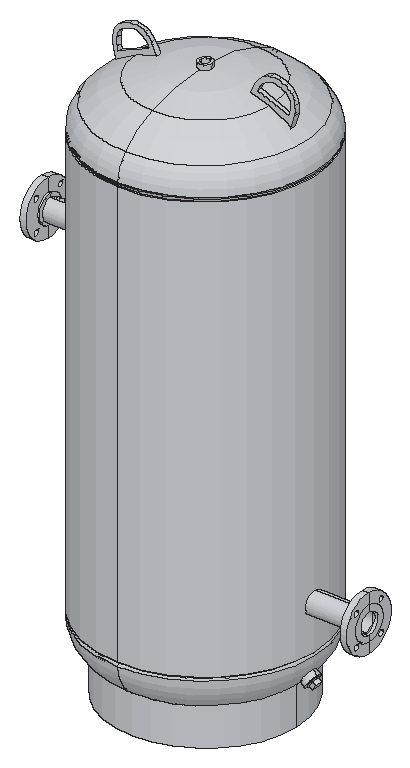
Revit family "HBT-120-2.5", category Generic Models, Revit 2014
Parameters (values of type "HBT-120-2.5")
  URL = "http://westank.com/"
  Tank Volume = 3.398 m³
  Part Number = 55621200
  Model = "HBT-120-2.5"
  Maximum Shipping Weight = 248.00 lbf
  Flange Connector Diameter = 2 1/2"
  F = 20"
  E = 13"
  Description = "Wessels ASME 2-Port Hot Water Buffer Tanks (HBT) are designed for use with today’s high efficiency systems that incorporate small modular low-mass boiler."
  D = 11 1/2"
  C = 32"
  B = 61.54218"
  A = 24"
Reference planes (in)
  plane 1 "Center (Front/Back)": y = 0
  plane 2: z = 0
  plane 3 "Center (Left/Right)": x = 0
  plane 4: through (12.55282, -180, 5.24135) normal (0.8192, 0, -0.5736)
  plane 5: x = -9.99904
  plane 6: x = 10.00096
  plane 7: x = -12
  plane 8: x = 12
  plane 9: y = 12
  plane 10: y = -12
  plane 11: z = 13
  plane 12: x = -16
  plane 13: x = 16
  plane 14: z = 48.5
  plane 15: z = 61.54218
Forms (in)
  Revolve 1, solid
    sketch origin (0, 0, 0) x (0, 1, 0) y (0, 0, 1)
      loop
        arc (-9.83101, 4.11424) -> (-7.79074, 2.94425) -> (-5.56568, 2.18221) r 12.35166
        arc (-5.56568, 2.18221) -> (-4.72655, 1.99447) -> (-3.88233, 1.83116) r 29.62981
        arc (-3.88233, 1.83116) -> (-1.94875, 1.5746) -> (0, 1.4915) r 21.84895
        line (0, 1.4915) -> (0, 1.65929)
        arc (0, 1.65929) -> (-1.35631, 1.72935) -> (-2.7096, 1.84384) r 41.42336
        arc (-2.7096, 1.84384) -> (-4.29668, 2.07784) -> (-5.85586, 2.45541) r 17.59706
        arc (-5.85586, 2.45541) -> (-7.96801, 3.24984) -> (-9.93425, 4.35719) r 14.74916
        arc (-9.93425, 4.35719) -> (-11.28742, 5.80966) -> (-11.85018, 7.71336) r 4.32984
        arc (-11.85018, 7.71336) -> (-11.81699, 7.79381) -> (-11.76254, 7.86171) r 0.30676
        arc (-11.76254, 7.86171) -> (-11.65716, 8.06319) -> (-11.7003, 8.28643) r 0.3444
        line (-11.7003, 8.28643) -> (-11.84851, 8.28643) -> (-11.84851, 54.74424) -> (-11.64597, 54.74424)
        arc (-11.64597, 54.74424) -> (-11.68669, 55.01778) -> (-11.81863, 55.26083) r 0.7952
        arc (-11.81863, 55.26083) -> (-11.84499, 55.29814) -> (-11.86692, 55.3382) r 0.40051
        arc (-11.86692, 55.3382) -> (-11.57837, 56.66597) -> (-10.81368, 57.78913) r 3.5625
        arc (-10.81368, 57.78913) -> (-9.13055, 59.15104) -> (-7.20864, 60.14804) r 10.74973
        arc (-7.20864, 60.14804) -> (-3.66872, 61.14055) -> (0, 61.37845) r 17.65577
        line (0, 61.37845) -> (0, 61.52857)
        arc (0, 61.52857) -> (-3.69689, 61.28792) -> (-7.26395, 60.28747) r 17.80577
        arc (-7.26395, 60.28747) -> (-9.21268, 59.27655) -> (-10.9193, 57.89565) r 10.89973
        arc (-10.9193, 57.89565) -> (-11.72267, 56.71002) -> (-12.01747, 55.30853) r 3.7125
        arc (-12.01747, 55.30853) -> (-11.98199, 55.23495) -> (-11.93601, 55.16744) r 0.55051
        arc (-11.93601, 55.16744) -> (-11.85613, 55.03838) -> (-11.80861, 54.89424) r 0.6452
        line (-11.80861, 54.89424) -> (-11.99851, 54.89424) -> (-11.99851, 8.13643) -> (-11.80492, 8.13643)
        arc (-11.80492, 8.13643) -> (-11.81524, 8.04663) -> (-11.86505, 7.97121) r 0.1944
        arc (-11.86505, 7.97121) -> (-11.95237, 7.85922) -> (-12.00107, 7.72583) r 0.45676
        arc (-12.00107, 7.72583) -> (-11.36713, 5.64899) -> (-9.83101, 4.11424) r 4.47984
      axis (0, 1.4915) -> (0, 61.52857)
    angle from 0 to 360
  Revolve 2, solid
    sketch origin (0, 0, 0) x (1, 0, 0) y (0, 0, 1)
      loop
        line (11.71753, 6.11956) -> (11.66586, 6.1556) -> (11.25436, 5.56561) -> (11.86992, 5.13627) -> (12.24588, 5.6753) -> (12.19462, 5.71106) -> (12.31904, 5.88945) -> (11.80641, 6.24699) -> (11.71753, 6.11956)
      axis (11.25436, 5.56561) -> (11.86992, 5.13627)
    angle from 0 to 360
  Extrusion 3, solid
    sketch origin (12.55282, -180, 5.24135) x (0.573576, 0, 0.819152) y (0, -1, 0)
      loop
        line (-0.16036, -179.52645) -> (-0.95521, -179.68698) -> (-0.79485, -180.48095) -> (0, -180.32042) -> (-0.16036, -179.52645)
    from -1.04121 to 0
  Extrusion 4, solid
    sketch origin (-25.39202, 0.03229, 40.38211) x (0.366501, 0, -0.930418) y (0.930418, 0, 0.366501)
      loop
        line (-11.29706, 21.53035) -> (-11.29706, 26.3838)
        arc (-11.29706, 26.3838) -> (-12.09166, 26.35034) -> (-12.87417, 26.2083) r 5.78982
        arc (-12.87417, 26.2083) -> (-13.37257, 26.05016) -> (-13.84023, 25.81626) r 3.34401
        arc (-13.84023, 25.81626) -> (-14.23506, 25.50882) -> (-14.54036, 25.11233) r 1.98325
        arc (-14.54036, 25.11233) -> (-14.6914, 24.7428) -> (-14.77547, 24.35254) r 2.27303
        arc (-14.77547, 24.35254) -> (-14.7991, 23.94739) -> (-14.77534, 23.54224) r 3.4757
        arc (-14.77534, 23.54224) -> (-14.68361, 23.13018) -> (-14.5151, 22.74312) r 2.20708
        arc (-14.5151, 22.74312) -> (-14.16952, 22.30674) -> (-13.70587, 21.9987) r 1.77678
        arc (-13.70587, 21.9987) -> (-13.19642, 21.76364) -> (-12.64662, 21.65182) r 2.42758
        arc (-12.64662, 21.65182) -> (-11.97628, 21.54177) -> (-11.29706, 21.53035) r 4.65956
      loop
        arc (-12.26868, 25.83872) -> (-12.55936, 25.79464) -> (-12.84713, 25.73441) r 5.2625
        arc (-12.84713, 25.73441) -> (-13.25187, 25.60514) -> (-13.63281, 25.41697) r 2.84116
        arc (-13.63281, 25.41697) -> (-13.92423, 25.19219) -> (-14.15193, 24.90304) r 1.49558
        arc (-14.15193, 24.90304) -> (-14.2669, 24.61441) -> (-14.33039, 24.31027) r 1.7957
        arc (-14.33039, 24.31027) -> (-14.35165, 23.95394) -> (-14.33039, 23.59761) r 2.99674
        arc (-14.33039, 23.59761) -> (-14.25804, 23.26895) -> (-14.12338, 22.96052) r 1.72881
        arc (-14.12338, 22.96052) -> (-13.86611, 22.63559) -> (-13.51943, 22.40849) r 1.29608
        arc (-13.51943, 22.40849) -> (-13.12849, 22.22226) -> (-12.7059, 22.12772) r 1.9331
        arc (-12.7059, 22.12772) -> (-12.4883, 22.08402) -> (-12.26868, 22.05204) r 4.14312
        line (-12.26868, 22.05204) -> (-12.26868, 25.83872)
    from -0.21772 to 0.28228
  Extrusion 5, solid
    sketch origin (0, 0, 0) x (1, 0, 0) y (0, 1, 0)
      loop
        circle (0, 0) r 0.75
      loop
        circle (0, 0) r 0.5
    from 61.27919 to 62.02076
  Extrusion 6, void
    sketch origin (0, 0, 0) x (1, 0, 0) y (0, 1, 0)
      loop
        circle (0, 0) r 0.5
    from 60.73644 to 64.06361
  Revolve 7, solid
    sketch origin (0, 0, 0) x (1, 0, 0) y (0, 0, 1)
      loop
        line (9.87706, 4.44941) -> (9.87706, 0) -> (10.00194, 0) -> (10.00194, 4.44941) -> (9.87706, 4.44941)
      axis (0, 4.44941) -> (0, 0)
    angle from 0 to 360
  Extrusion 8, void
    sketch origin (0, 0, 0.375) x (0, 1, 0) y (0, 0, 1)
      loop
        circle (0, 12.62484) r 1.0296
    from 8.35325 to 18.76515
  Revolve 9, solid
    sketch origin (-0.75244, 0, 0.5) x (1, 0, 0) y (0, 0, 1)
      loop
        line (17.75383, 11.31247) -> (17.75383, 10.72065) -> (18.00383, 10.72065) -> (18.00383, 9.5) -> (18.69121, 9.5) -> (18.69121, 10.68602) -> (18.75371, 10.68602) -> (18.75371, 11.31247) -> (17.75383, 11.31247)
      axis (18.75371, 12.5) -> (17.75383, 12.5)
    angle from 0 to 360
  Revolve 10, solid
    sketch origin (-0.05249, 0, 0.49805) x (-1, 0, 0) y (0, 0, 1)
      loop
        line (-9.30504, 11.47391) -> (-15.61866, 11.47391) -> (-15.61866, 11.3147) -> (-9.30504, 11.3147) -> (-9.30504, 11.47391)
      axis (-15.61866, 12.50195) -> (-9.30504, 12.50195)
    angle from 0 to 360
  Revolve 11, solid
    sketch origin (3.63541, 0, 42.49157) x (-1, 0, 0) y (0, 0, 1)
      loop
        line (20.63414, -2.15058) -> (20.63414, -2.49486) -> (20.88414, -2.49486) -> (20.88414, -3.96257) -> (21.57164, -3.96257) -> (21.57164, -2.77496) -> (21.63415, -2.77496) -> (21.63415, -2.15058) -> (20.63414, -2.15058)
      axis (21.63415, -0.96257) -> (20.63414, -0.96257)
    angle from 0 to 360
  Revolve 12, solid
    sketch origin (2.04954, 0, 42.50628) x (1, 0, 0) y (0, 0, 1)
      loop
        line (-13.17327, -2.01037) -> (-19.67327, -2.01037) -> (-19.67327, -2.16478) -> (-13.17327, -2.16478) -> (-13.17327, -2.01037)
      axis (-19.67327, -0.97728) -> (-13.17327, -0.97728)
    angle from 0 to 360
  Extrusion 13, void
    sketch origin (0, 0, 0) x (0, 1, 0) y (0, 0, 1)
      loop
        circle (-1.68668, 14.68425) r 0.36293
      loop
        circle (1.67267, 14.68416) r 0.35503
      loop
        circle (-1.66494, 11.32835) r 0.37209
      loop
        circle (1.68658, 11.32933) r 0.38111
    from 13.49462 to 18.49167
  Extrusion 14, solid
    sketch origin (25.46086, 0.03229, 40.44461) x (-0.366501, 0, -0.930418) y (0.930418, 0, -0.366501)
      loop
        arc (-11.32017, -21.52957) -> (-12.06464, -21.52053) -> (-12.80105, -21.63023) r 4.6574
        arc (-12.80105, -21.63023) -> (-13.29566, -21.74535) -> (-13.75573, -21.96038) r 2.43983
        arc (-13.75573, -21.96038) -> (-14.21522, -22.27249) -> (-14.55787, -22.70968) r 1.80264
        arc (-14.55787, -22.70968) -> (-14.73115, -23.107) -> (-14.82444, -23.53029) r 2.23433
        arc (-14.82444, -23.53029) -> (-14.84913, -23.94432) -> (-14.82467, -24.35837) r 3.50104
        arc (-14.82467, -24.35837) -> (-14.74097, -24.75372) -> (-14.5893, -25.12829) r 2.29793
        arc (-14.5893, -25.12829) -> (-14.27829, -25.52795) -> (-13.87674, -25.83651) r 1.99646
        arc (-13.87674, -25.83651) -> (-13.4026, -26.0702) -> (-12.89758, -26.22628) r 3.3451
        arc (-12.89758, -26.22628) -> (-12.11458, -26.36343) -> (-11.32017, -26.39184) r 5.77978
        line (-11.32017, -26.39184) -> (-11.32017, -21.52957)
      loop
        line (-12.26868, -25.83872) -> (-12.26868, -22.05204)
        arc (-12.26868, -22.05204) -> (-12.4883, -22.08402) -> (-12.7059, -22.12772) r 4.14312
        arc (-12.7059, -22.12772) -> (-13.12849, -22.22226) -> (-13.51943, -22.40849) r 1.9331
        arc (-13.51943, -22.40849) -> (-13.86611, -22.63559) -> (-14.12338, -22.96052) r 1.29608
        arc (-14.12338, -22.96052) -> (-14.25804, -23.26895) -> (-14.33039, -23.59761) r 1.72881
        arc (-14.33039, -23.59761) -> (-14.35165, -23.95394) -> (-14.33039, -24.31027) r 2.99674
        arc (-14.33039, -24.31027) -> (-14.2669, -24.61441) -> (-14.15193, -24.90304) r 1.7957
        arc (-14.15193, -24.90304) -> (-13.92423, -25.19219) -> (-13.63281, -25.41697) r 1.49558
        arc (-13.63281, -25.41697) -> (-13.25187, -25.60514) -> (-12.84713, -25.73441) r 2.84116
        arc (-12.84713, -25.73441) -> (-12.55936, -25.79464) -> (-12.26868, -25.83872) r 5.2625
    from -0.21772 to 0.28228
  Revolve 15, solid
    sketch origin (-0.04025, 0, -0.03752) x (-1, 0, 0) y (0, 0, 1)
      loop
        line (-11.16652, 12.00776) -> (-17.66652, 12.00776) -> (-17.66652, 11.852) -> (-11.16652, 11.852) -> (-11.16652, 12.00776)
      axis (-17.66652, 13.03736) -> (-11.16652, 13.03736)
    angle from 0 to 360
  Extrusion 16, void
    sketch origin (0, 0, 28.5) x (0, 1, 0) y (0, 0, 1)
      loop
        circle (-1.68668, 14.68425) r 0.36293
      loop
        circle (1.67267, 14.68416) r 0.35503
      loop
        circle (-1.66494, 11.32835) r 0.37209
      loop
        circle (1.68658, 11.32933) r 0.38111
    from -19.53734 to -15.23434
  Extrusion 17, void
    sketch origin (-22.25, 0, 28.9063) x (0, 1, 0) y (0, 0, 1)
      loop
        circle (0, 12.6227) r 1.03309
    from 3.47662 to 13.25
Cuts and joins
  Extrusion 6, Extrusion 8, Extrusion 13, Extrusion 17 cuts Revolve 1
  Extrusion 13, Extrusion 17 cuts Extrusion 3
  Extrusion 13, Extrusion 17 cuts Extrusion 5
  Extrusion 13, Extrusion 17 cuts Revolve 7
  Extrusion 13, Extrusion 17 cuts Revolve 10
  joined: Revolve 1, Extrusion 3, Extrusion 5, Revolve 7, Revolve 10
  Extrusion 13, Extrusion 16 cuts Revolve 9
  Extrusion 16 cuts Revolve 11
  Extrusion 17 cuts Revolve 15
  Extrusion 13, Extrusion 17 cuts Extrusion 4
Dimensions and locks (in)
  "F": plane 6 to plane 5
  equal spacing: plane 8, plane 3 "Center (Left/Right)", plane 7
  "A": plane 8 to plane 7
  "E": plane 11 to plane 2
  equal spacing: plane 13, plane 3 "Center (Left/Right)", plane 12
  "C": plane 13 to plane 12
  Revolve 12 sketch curve to Revolve 12 sketch curve = 1 3/16"
  "B": cut or joined group of Revolve 1, Extrusion 3, Extrusion 5, Extrusion 6, Revolve 7, Extrusion 8, Revolve 10, Extrusion 13, Extrusion 17 to level
  aligned and locked: plane 2 to level
  aligned and locked: Revolve 1 sketch curve to Revolve 1 sketch curve
  aligned and locked: Revolve 7 sketch curve to plane 3 "Center (Left/Right)"
Automatic sketch dimensions
  Revolve 1 sketch curve to Revolve 1 sketch curve = 0"  (x30)
  Revolve 1 sketch curve to plane 1 "Center (Front/Back)" = 0"  (x2)
  plane 1 "Center (Front/Back)" to Revolve 1 sketch curve = 0.04449"
  plane 1 "Center (Front/Back)" to Revolve 1 sketch curve = 0.69809"
  plane 1 "Center (Front/Back)" to Revolve 1 sketch curve = 0.93901"
  plane 1 "Center (Front/Back)" to Revolve 1 sketch curve = 1.73475"
  plane 11 to Revolve 1 sketch curve = 1.19548"
  Revolve 1 sketch curve to Revolve 1 sketch curve = 0.95959"
  plane 14 to Revolve 1 sketch curve = 1.65585"
  plane 1 "Center (Front/Back)" to Revolve 1 sketch curve = 3.24468"
  Revolve 1 sketch curve to plane 10 = 4.47284"
  Revolve 1 sketch curve to plane 10 = 3.69471"
  Revolve 1 sketch curve to plane 10 = 0.49477"
  Revolve 1 sketch curve to plane 10 = 0.44712"
  Revolve 1 sketch curve to plane 10 = 0.35403"
  Revolve 1 sketch curve to plane 10 = 0.2997"
  Revolve 1 sketch curve to Revolve 1 sketch curve = 0.10462"
  Revolve 1 sketch curve to plane 10 = 49/256"
  Revolve 1 sketch curve to plane 10 = 0.15149"
  Revolve 1 sketch curve to plane 10 = 0.00208"
  Revolve 1 sketch curve to plane 10 = 0.00149"
  plane 10 to Revolve 1 sketch curve = 0.44088"
  Revolve 1 sketch curve to plane 1 "Center (Front/Back)" = 1.32224"
  Revolve 1 sketch curve to plane 1 "Center (Front/Back)" = 1.45836"
  Revolve 1 sketch curve to plane 11 = 4.71357"
  Revolve 1 sketch curve to Revolve 1 sketch curve = 0.15"  (x2)
  Revolve 1 sketch curve to Revolve 1 sketch curve = 0.02331"
  Revolve 1 sketch curve to Revolve 1 sketch curve = 0.33015"
  Revolve 1 sketch curve to Revolve 1 sketch curve = 0.49864"
  level to Revolve 1 sketch curve = 1.65929"
  Revolve 1 sketch curve to Revolve 1 sketch curve = 0.16779"
  Revolve 1 sketch curve to Revolve 1 sketch curve = 2.42164"
  Revolve 1 sketch curve to Revolve 1 sketch curve = 2.73447"
  Revolve 1 sketch curve to Revolve 1 sketch curve = 3.98882"
  Revolve 1 sketch curve to Revolve 1 sketch curve = 7.65989"
  Revolve 1 sketch curve to plane 14 = 5.44303"
  Revolve 1 sketch curve to Revolve 1 sketch curve = 0.67951"
  plane 14 to Revolve 1 sketch curve = 6.24424"
  Revolve 1 sketch curve to Revolve 1 sketch curve = 0.02147"
  Revolve 1 sketch curve to Revolve 1 sketch curve = 0.5152"
  Revolve 1 sketch curve to Revolve 1 sketch curve = 0.61597"
  Revolve 1 sketch curve to plane 15 = 0.16373"
  Revolve 1 sketch curve to plane 15 = 0.01361"
  Revolve 1 sketch curve to Revolve 1 sketch curve = 0.10324"
  plane 15 to Revolve 1 sketch curve = 0.04676"
  Revolve 2 sketch curve to plane 8 = 0.74564"
  Revolve 2 sketch curve to plane 8 = 0.33414"
  Revolve 2 sketch curve to Revolve 2 sketch curve = 0.05167"
  Revolve 2 sketch curve to Revolve 2 sketch curve = 0.08888"
  Revolve 2 sketch curve to plane 8 = 0.13008"
  plane 8 to Revolve 2 sketch curve = 0.19462"
  Revolve 2 sketch curve to Revolve 2 sketch curve = 0.05126"
  level to Revolve 2 sketch curve = 5.13627"
  Revolve 2 sketch curve to Revolve 2 sketch curve = 0.42934"
  Revolve 2 sketch curve to Revolve 2 sketch curve = 0.12768"
  Revolve 2 sketch curve to Revolve 2 sketch curve = 0"  (x2)
  Revolve 2 sketch curve to Revolve 2 sketch curve = 0.08905"
  plane 1 "Center (Front/Back)" to Extrusion 3 sketch curve = 0.31302"
  Extrusion 3 sketch curve to plane 1 "Center (Front/Back)" = 0.48095"
  Extrusion 3 sketch curve to Extrusion 3 sketch curve = 0.16036"  (x2)
  plane 1 "Center (Front/Back)" to Extrusion 3 sketch curve = 0.47355"
  Extrusion 3 sketch curve to Extrusion 3 sketch curve = 0.79485"
  Extrusion 3 sketch curve to plane 1 "Center (Front/Back)" = 0.32042"
  Extrusion 4 sketch curve to plane 15 = 109/256"
  plane 5 to Extrusion 4 sketch curve = 1.7962"
  Extrusion 4 sketch curve to Extrusion 4 sketch curve = 0.02508"
  Extrusion 4 sketch curve to Extrusion 4 sketch curve = 0.09458"
  Extrusion 4 sketch curve to Extrusion 4 sketch curve = 0.04313"
  Extrusion 4 sketch curve to Extrusion 4 sketch curve = 0.21506"
  Extrusion 4 sketch curve to Extrusion 4 sketch curve = 0.02884"
  Extrusion 4 sketch curve to Extrusion 4 sketch curve = 0.28147"
  Extrusion 4 sketch curve to Extrusion 4 sketch curve = 0.02747"
  Extrusion 4 sketch curve to Extrusion 4 sketch curve = 0.02211"
  Extrusion 4 sketch curve to Extrusion 4 sketch curve = 0.05693"
  Extrusion 4 sketch curve to Extrusion 4 sketch curve = 0.72301"
  Extrusion 4 sketch curve to Extrusion 4 sketch curve = 0.08113"
  Extrusion 4 sketch curve to Extrusion 4 sketch curve = 0.07241"
  Extrusion 4 sketch curve to Extrusion 4 sketch curve = 0.48708"
  Extrusion 4 sketch curve to Extrusion 4 sketch curve = 0.22301"
  Extrusion 4 sketch curve to Extrusion 4 sketch curve = 0.64324"
  Extrusion 4 sketch curve to Extrusion 4 sketch curve = 0.17414"
  Extrusion 4 sketch curve to Extrusion 4 sketch curve = 0.97162"
  Extrusion 4 sketch curve to Extrusion 4 sketch curve = 1.08601"
  Extrusion 4 sketch curve to Extrusion 4 sketch curve = 0.03152"
  Extrusion 4 sketch curve to Extrusion 4 sketch curve = 0.62139"
  Extrusion 4 sketch curve to Extrusion 4 sketch curve = 0.0193"
  Extrusion 4 sketch curve to Extrusion 4 sketch curve = 0.89953"
  Extrusion 4 sketch curve to Extrusion 4 sketch curve = 0.52168"
  Extrusion 4 sketch curve to Extrusion 4 sketch curve = 0.91467"
  Extrusion 4 sketch curve to Extrusion 4 sketch curve = 0.01964"
  Extrusion 4 sketch curve to Extrusion 4 sketch curve = 0.02213"
  Extrusion 4 sketch curve to Extrusion 4 sketch curve = 0.18879"
  Extrusion 4 sketch curve to Extrusion 4 sketch curve = 0.01042"
  Extrusion 4 sketch curve to Extrusion 4 sketch curve = 0.13436"
  Extrusion 4 sketch curve to Extrusion 4 sketch curve = 0.00599"
  Extrusion 4 sketch curve to Extrusion 4 sketch curve = 0.236"
  Extrusion 4 sketch curve to Extrusion 4 sketch curve = 0.02107"
  Extrusion 4 sketch curve to Extrusion 4 sketch curve = 0.02128"
  Extrusion 4 sketch curve to Extrusion 4 sketch curve = 0.02588"
  Extrusion 4 sketch curve to Extrusion 4 sketch curve = 0.01349"
  Extrusion 4 sketch curve to Extrusion 4 sketch curve = 0.0191"
  Extrusion 4 sketch curve to Extrusion 4 sketch curve = 1.74197"
  Extrusion 4 sketch curve to Extrusion 4 sketch curve = 0.32771"
  Extrusion 4 sketch curve to Extrusion 4 sketch curve = 0.01614"
  Extrusion 4 sketch curve to Extrusion 4 sketch curve = 0.20124"
  Extrusion 4 sketch curve to Extrusion 4 sketch curve = 0.52775"
  Extrusion 4 sketch curve to Extrusion 4 sketch curve = 0.78568"
  Extrusion 4 sketch curve to Extrusion 4 sketch curve = 0"  (x3)
  Extrusion 4 sketch curve to Extrusion 4 sketch curve = 0.18644"
  Extrusion 4 sketch curve to Extrusion 4 sketch curve = 0.20743"
  Extrusion 4 sketch curve to Extrusion 4 sketch curve = 0.60395"
  Extrusion 4 sketch curve to Extrusion 4 sketch curve = 0.51913"
  Extrusion 4 sketch curve to Extrusion 4 sketch curve = 0.39172"
  Extrusion 4 sketch curve to Extrusion 4 sketch curve = 0.38843"
  Extrusion 4 sketch curve to Extrusion 4 sketch curve = 0.44495"
  Extrusion 4 sketch curve to Extrusion 4 sketch curve = 0.44508"
  Extrusion 4 sketch curve to Extrusion 4 sketch curve = 0.02704"
  Extrusion 5 sketch curve to Extrusion 5 sketch curve = 0"  (x2)
  plane 1 "Center (Front/Back)" to Extrusion 5 sketch curve = 0"
  Extrusion 5 sketch curve to plane 3 "Center (Left/Right)" = 0"
  Extrusion 6 sketch curve to Extrusion 6 sketch curve = 0"  (x2)
  plane 1 "Center (Front/Back)" to Extrusion 6 sketch curve = 0"
  Extrusion 6 sketch curve to plane 3 "Center (Left/Right)" = 0"
  Extrusion 6 sketch curve to plane 3 "Center (Left/Right)" = 1/2"
  Revolve 7 sketch curve to level = 0"
  Revolve 7 sketch curve to plane 6 = 0.12391"
  plane 6 to Revolve 7 sketch curve = 0.00098"
  level to Revolve 7 sketch curve = 4.44941"
  level to Revolve 7 sketch curve = 4.69941"
  Revolve 7 sketch curve to Revolve 7 sketch curve = 1"
  Extrusion 8 sketch curve to Extrusion 8 sketch curve = 0"  (x2)
  Extrusion 8 sketch curve to plane 1 "Center (Front/Back)" = 0"
  Extrusion 8 sketch curve to plane 11 = 0.00016"
  Extrusion 8 sketch curve to Extrusion 8 sketch curve = 1.0296"
  Revolve 9 sketch curve to plane 11 = 0"
  plane 13 to Revolve 9 sketch curve = 1.00139"
  Revolve 9 sketch curve to Revolve 9 sketch curve = 1/4"
  Revolve 9 sketch curve to Revolve 9 sketch curve = 0.68738"
  Revolve 9 sketch curve to Revolve 9 sketch curve = 1/16"
  Revolve 9 sketch curve to plane 11 = 1.18753"
  Revolve 9 sketch curve to Revolve 9 sketch curve = 0.59182"
  Revolve 9 sketch curve to Revolve 9 sketch curve = 0.62645"
  Revolve 9 sketch curve to Revolve 9 sketch curve = 1.22065"
  plane 13 to Revolve 9 sketch curve = 0.18068"
  Revolve 9 sketch curve to plane 13 = 0.5021"
  Revolve 10 sketch curve to plane 11 = 0"
  plane 13 to Revolve 10 sketch curve = 0.43383"
  plane 6 to Revolve 10 sketch curve = 0.74841"
  plane 11 to Revolve 10 sketch curve = 1.02805"
  Revolve 10 sketch curve to Revolve 10 sketch curve = 0.15921"
  Revolve 10 sketch curve to plane 8 = 1.02568"
  Revolve 10 sketch curve to Revolve 10 sketch curve = 1/4"
  plane 12 to Revolve 11 sketch curve = 0.99873"
  plane 12 to Revolve 11 sketch curve = 1.24873"
  Revolve 11 sketch curve to Revolve 11 sketch curve = 11/16"
  Revolve 11 sketch curve to Revolve 11 sketch curve = 1/16"
  plane 14 to Revolve 11 sketch curve = 9.971"
  Revolve 11 sketch curve to Revolve 11 sketch curve = 1.18761"
  Revolve 11 sketch curve to Revolve 11 sketch curve = 0.28009"
  Revolve 11 sketch curve to Revolve 11 sketch curve = 0.62438"
  Revolve 11 sketch curve to plane 7 = 0.87627"
  plane 5 to Revolve 11 sketch curve = 0.44191"
  Revolve 11 sketch curve to Revolve 11 sketch curve = 1.18801"
  Revolve 12 sketch curve to plane 12 = 1.62373"
  plane 7 to Revolve 12 sketch curve = 0.87627"  (x2)
  Revolve 12 sketch curve to plane 14 = 8.1585"
  Revolve 12 sketch curve to Revolve 12 sketch curve = 0.15441"
  Revolve 12 sketch curve to plane 5 = 0.00908"
  plane 1 "Center (Front/Back)" to Extrusion 13 sketch curve = 1.68668"
  plane 1 "Center (Front/Back)" to Extrusion 13 sketch curve = 1.66494"
  Extrusion 13 sketch curve to plane 1 "Center (Front/Back)" = 1.67267"
  Extrusion 13 sketch curve to plane 1 "Center (Front/Back)" = 1.68658"
  Extrusion 13 sketch curve to plane 11 = 1.67165"
  Extrusion 13 sketch curve to plane 11 = 1.67067"
  plane 11 to Extrusion 13 sketch curve = 1.68416"
  plane 11 to Extrusion 13 sketch curve = 1.68425"
  Extrusion 14 sketch curve to plane 15 = 93/256"
  Extrusion 14 sketch curve to plane 6 = 1.72929"
  Extrusion 14 sketch curve to Extrusion 14 sketch curve = 0.007"
  Extrusion 14 sketch curve to Extrusion 14 sketch curve = 0.11966"
  Extrusion 14 sketch curve to Extrusion 14 sketch curve = 0.00112"
  Extrusion 14 sketch curve to Extrusion 14 sketch curve = 0.25706"
  Extrusion 14 sketch curve to Extrusion 14 sketch curve = 0.00771"
  Extrusion 14 sketch curve to Extrusion 14 sketch curve = 17/256"
  Extrusion 14 sketch curve to Extrusion 14 sketch curve = 0.00399"
  Extrusion 14 sketch curve to Extrusion 14 sketch curve = 0.04518"
  Extrusion 14 sketch curve to Extrusion 14 sketch curve = 0.0004"
  Extrusion 14 sketch curve to Extrusion 14 sketch curve = 0.71601"
  Extrusion 14 sketch curve to Extrusion 14 sketch curve = 0.08113"
  Extrusion 14 sketch curve to Extrusion 14 sketch curve = 0.02211"
  Extrusion 14 sketch curve to Extrusion 14 sketch curve = 0.48708"
  Extrusion 14 sketch curve to Extrusion 14 sketch curve = 0.03279"
  Extrusion 14 sketch curve to Extrusion 14 sketch curve = 0.64324"
  Extrusion 14 sketch curve to Extrusion 14 sketch curve = 0.94851"
  Extrusion 14 sketch curve to Extrusion 14 sketch curve = 0.11416"
  Extrusion 14 sketch curve to Extrusion 14 sketch curve = 1.14294"
  Extrusion 14 sketch curve to Extrusion 14 sketch curve = 0.00682"
  Extrusion 14 sketch curve to Extrusion 14 sketch curve = 0.20504"
  Extrusion 14 sketch curve to Extrusion 14 sketch curve = 0.00588"
  Extrusion 14 sketch curve to Extrusion 14 sketch curve = 0.148"
  Extrusion 14 sketch curve to Extrusion 14 sketch curve = 0.00865"
  Extrusion 14 sketch curve to Extrusion 14 sketch curve = 0.24641"
  Extrusion 14 sketch curve to Extrusion 14 sketch curve = 0.00161"
  Extrusion 14 sketch curve to Extrusion 14 sketch curve = 0.03069"
  Extrusion 14 sketch curve to Extrusion 14 sketch curve = 0.01486"
  Extrusion 14 sketch curve to Extrusion 14 sketch curve = 0.01519"
  Extrusion 14 sketch curve to Extrusion 14 sketch curve = 0.01741"
  Extrusion 14 sketch curve to Extrusion 14 sketch curve = 1.74197"
  Extrusion 14 sketch curve to Extrusion 14 sketch curve = 0.32771"
  Extrusion 14 sketch curve to Extrusion 14 sketch curve = 0.00078"
  Extrusion 14 sketch curve to Extrusion 14 sketch curve = 0.22463"
  Extrusion 14 sketch curve to Extrusion 14 sketch curve = 0.00246"
  Extrusion 14 sketch curve to Extrusion 14 sketch curve = 0.82643"
  Extrusion 14 sketch curve to Extrusion 14 sketch curve = 0.00858"
  Extrusion 14 sketch curve to Extrusion 14 sketch curve = 0.91025"
  Extrusion 14 sketch curve to Extrusion 14 sketch curve = 0.52246"
  Extrusion 14 sketch curve to Extrusion 14 sketch curve = 0.9139"
  Extrusion 14 sketch curve to Extrusion 14 sketch curve = 0.00046"
  Extrusion 14 sketch curve to Extrusion 14 sketch curve = 0.52775"
  Extrusion 14 sketch curve to Extrusion 14 sketch curve = 0.78568"
  Extrusion 14 sketch curve to Extrusion 14 sketch curve = 0"  (x3)
  Extrusion 14 sketch curve to Extrusion 14 sketch curve = 0.2363"
  Extrusion 14 sketch curve to Extrusion 14 sketch curve = 0.24393"
  Extrusion 14 sketch curve to Extrusion 14 sketch curve = 0.60395"
  Extrusion 14 sketch curve to Extrusion 14 sketch curve = 0.51913"
  Extrusion 14 sketch curve to Extrusion 14 sketch curve = 0.43449"
  Extrusion 14 sketch curve to Extrusion 14 sketch curve = 0.43737"
  Extrusion 14 sketch curve to Extrusion 14 sketch curve = 0.49406"
  Extrusion 14 sketch curve to Extrusion 14 sketch curve = 0.49429"
  Extrusion 14 sketch curve to Extrusion 14 sketch curve = 0.05045"
  Revolve 15 sketch curve to plane 13 = 1.62627"
  plane 8 to Revolve 15 sketch curve = 0.87373"
  plane 11 to Revolve 15 sketch curve = 1.18551"
  Revolve 15 sketch curve to Revolve 15 sketch curve = 0.15575"
  plane 11 to Revolve 15 sketch curve = 0.00016"
  Revolve 15 sketch curve to plane 8 = 1.03792"
  Revolve 15 sketch curve to Revolve 15 sketch curve = 0.36015"
  plane 1 "Center (Front/Back)" to Extrusion 16 sketch curve = 1.68668"
  plane 1 "Center (Front/Back)" to Extrusion 16 sketch curve = 1.66494"
  Extrusion 16 sketch curve to plane 1 "Center (Front/Back)" = 1.67267"
  Extrusion 16 sketch curve to plane 1 "Center (Front/Back)" = 1.68658"
  Extrusion 16 sketch curve to plane 14 = 8.67165"
  Extrusion 16 sketch curve to Extrusion 16 sketch curve = 0.00098"
  Extrusion 16 sketch curve to Extrusion 16 sketch curve = 3.35483"
  Extrusion 16 sketch curve to Extrusion 16 sketch curve = 3.3559"
  Extrusion 17 sketch curve to Extrusion 17 sketch curve = 0"  (x2)
  Extrusion 17 sketch curve to plane 1 "Center (Front/Back)" = 0"
  Extrusion 17 sketch curve to plane 14 = 6.971"
  Extrusion 17 sketch curve to Extrusion 17 sketch curve = 1.03309"
  radius of Extrusion 5 sketch curve = 3/4"
  radius of Extrusion 5 sketch curve = 1/2"
  radius of Extrusion 13 sketch curve = 0.36293"
  radius of Extrusion 13 sketch curve = 0.35503"
  radius of Extrusion 13 sketch curve = 0.37209"
  radius of Extrusion 13 sketch curve = 0.38111"
  radius of Extrusion 16 sketch curve = 0.36293"
  radius of Extrusion 16 sketch curve = 0.35503"
  radius of Extrusion 16 sketch curve = 0.37209"
  radius of Extrusion 16 sketch curve = 0.38111"
Connectors (in)
  piping at (17.93877, 0, 13), diameter 2.5, driven by "Flange Connector Diameter"
    settings: on Revolve 9, index 1, connector inside diameter 24", connector length 0", flow factor 0, pipe flow 0 GPM, pressure drop 0.00 psi, fitting loss kfactor 0, connector angle 0.00°, fixture units 0, engagement length 0", angle of deflection 0.00°, flow configuration 0, flow direction 0, fitting loss method 0, system type 7, joint type 0, gender type 0, connector reference index -1, connector utility 0, adjustable connector no, is connector primary yes, connector description ""
  piping at (-17.99874, 0, 41.529), diameter 2.5, driven by "Flange Connector Diameter"
    settings: on Revolve 11, index 2, connector inside diameter 24", connector length 0", flow factor 0, pipe flow 0 GPM, pressure drop 0.00 psi, fitting loss kfactor 0, connector angle 0.00°, fixture units 0, engagement length 0", angle of deflection 0.00°, flow configuration 0, flow direction 0, fitting loss method 0, system type 7, joint type 0, gender type 0, connector reference index -1, connector utility 0, adjustable connector no, is connector primary no, connector description ""
